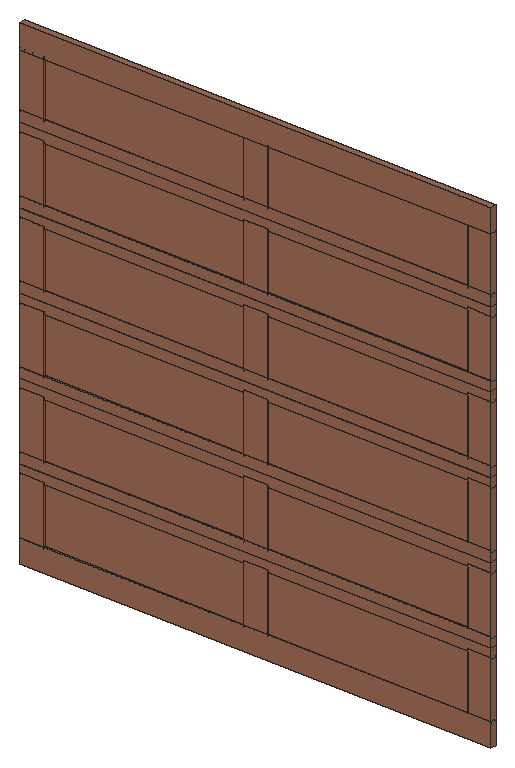
Revit family "GSNGL E 10P CRV", category Doors, host Wall, Revit 2013
Parameters
  Function = Interior
  Frame Projection Ext. = 25 mm
  Frame Projection Int. = 25 mm
  Frame Width = 75 mm
  Height = 2535 mm
  Wall Closure = By host
  Width = 2440 mm
Reference planes
  plane 1: y = 0
  plane 2 "Center (Left/Right)": x = 0
  plane 3 "Left": x = -1220
  plane 4 "Right": x = 1220
  plane 5: z = 2535
  plane 6 "Exterior": y = 75
  plane 7 "Interior": y = -75
  plane 8 "Garage Bottom": y = 75
  plane 9 "Garage Left": x = 1250
  plane 10 "Garage Right": x = -1250
  plane 11 "Garage Top": z = 2100
  plane 12: z = 476
  plane 13: z = 882
  plane 14: z = 1288
  plane 15: z = 1694
  plane 16: z = 2570
Forms (mm)
  Sweep 1, solid, material "Garage Wood"
    path origin (2744.172, 120, 2099.954) x (1, 0, 0) y (0, 1, 0)
      loop
        line (-3994.172, -225) -> (-1494.172, -225)
    profile "Van Acht 55.5x30 Garage Rail : Van Acht 55.5x30 Garage Rail" origin (0, -105, 2099.954) x (0, 1, 0) y (0, 0, 1)
      loop
        line (0, 0.046) -> (30, 0.046) -> (30, 46.546) -> (28, 46.546)
        arc (28, 46.546) -> (25.296, 51.527) -> (20, 53.546) r 8.162
        line (20, 53.546) -> (20, 55.546) -> (0, 55.546) -> (0, 0.046)
  Extrusion 2, solid, material "Garage Wood"
    sketch origin (0, 0, 400) x (0, -1, 0) y (0, 0, -1)
      loop
        line (105, -2045) -> (85, -2045) -> (85, -2047)
        arc (85, -2047) -> (79.704, -2049.019) -> (77, -2054) r 8.162
        line (77, -2054) -> (75, -2054) -> (75, -2170) -> (105, -2170) -> (105, -2045)
    from -1250 to 1250
  Extrusion 3, solid, material "Garage Wood"
    sketch origin (3947.972, -275, 1694) x (1, 0, 0) y (0, 1, 0)
      loop
        line (-5072.972, 175) -> (-4010.472, 175) -> (-4010.472, 185) -> (-5072.972, 185) -> (-5072.972, 175)
      loop
        line (-2822.972, 175) -> (-2822.972, 185) -> (-3885.472, 185) -> (-3885.472, 175) -> (-2822.972, 175)
    from 461.5 to 751
  Sweep 4, solid, material "Garage Wood"
    path origin (2744.172, 120, 1287.954) x (1, 0, 0) y (0, 1, 0)
      loop
        line (-3994.172, -225) -> (-1494.172, -225)
    profile "Van Acht 55.5x30 Garage Rail : Van Acht 55.5x30 Garage Rail" origin (0, -105, 1287.954) x (0, 1, 0) y (0, 0, 1)
      loop
        line (0, 0.046) -> (30, 0.046) -> (30, 46.546) -> (28, 46.546)
        arc (28, 46.546) -> (25.296, 51.527) -> (20, 53.546) r 8.162
        line (20, 53.546) -> (20, 55.546) -> (0, 55.546) -> (0, 0.046)
  Extrusion 5, solid, material "Garage Wood"
    sketch origin (0, 0, 0) x (0, -1, 0) y (0, 0, -1)
      loop
        line (105, -1694.046) -> (105, -1638.546) -> (85, -1638.546) -> (85, -1640.546)
        arc (85, -1640.546) -> (79.704, -1642.565) -> (77, -1647.546) r 8.162
        line (77, -1647.546) -> (75, -1647.546) -> (75, -1694.046) -> (105, -1694.046)
    from -1250 to 1250
  Sweep 6, solid, material "Garage Wood"
    path origin (2744.172, 120, 881.954) x (1, 0, 0) y (0, 1, 0)
      loop
        line (-3994.172, -225) -> (-1494.172, -225)
    profile "Van Acht 55.5x30 Garage Rail : Van Acht 55.5x30 Garage Rail" origin (0, -105, 881.954) x (0, 1, 0) y (0, 0, 1)
      loop
        line (0, 0.046) -> (30, 0.046) -> (30, 46.546) -> (28, 46.546)
        arc (28, 46.546) -> (25.296, 51.527) -> (20, 53.546) r 8.162
        line (20, 53.546) -> (20, 55.546) -> (0, 55.546) -> (0, 0.046)
  Extrusion 7, solid, material "Garage Wood"
    sketch origin (0, 0, -406) x (0, -1, 0) y (0, 0, -1)
      loop
        line (105, -1694.046) -> (105, -1638.546) -> (85, -1638.546) -> (85, -1640.546)
        arc (85, -1640.546) -> (79.704, -1642.565) -> (77, -1647.546) r 8.162
        line (77, -1647.546) -> (75, -1647.546) -> (75, -1694.046) -> (105, -1694.046)
    from -1250 to 1250
  Sweep 8, solid, material "Garage Wood"
    path origin (2744.172, 120, 475.954) x (1, 0, 0) y (0, 1, 0)
      loop
        line (-3994.172, -225) -> (-1494.172, -225)
    profile "Van Acht 55.5x30 Garage Rail : Van Acht 55.5x30 Garage Rail" origin (0, -105, 475.954) x (0, 1, 0) y (0, 0, 1)
      loop
        line (0, 0.046) -> (30, 0.046) -> (30, 46.546) -> (28, 46.546)
        arc (28, 46.546) -> (25.296, 51.527) -> (20, 53.546) r 8.162
        line (20, 53.546) -> (20, 55.546) -> (0, 55.546) -> (0, 0.046)
  Extrusion 9, solid, material "Garage Wood"
    sketch origin (0, 0, -812) x (0, -1, 0) y (0, 0, -1)
      loop
        line (105, -1694.046) -> (105, -1638.546) -> (85, -1638.546) -> (85, -1640.546)
        arc (85, -1640.546) -> (79.704, -1642.565) -> (77, -1647.546) r 8.162
        line (77, -1647.546) -> (75, -1647.546) -> (75, -1694.046) -> (105, -1694.046)
    from -1250 to 1250
  Extrusion 10, solid, material "Garage Wood"
    sketch origin (0, 0, -1218) x (0, -1, 0) y (0, 0, -1)
      loop
        line (105, -1694.046) -> (105, -1638.546) -> (85, -1638.546) -> (85, -1640.546)
        arc (85, -1640.546) -> (79.704, -1642.565) -> (77, -1647.546) r 8.162
        line (77, -1647.546) -> (75, -1647.546) -> (75, -1694.046) -> (105, -1694.046)
    from -1250 to 1250
  Extrusion 11, solid, material "Garage Wood"
    sketch origin (0, 0, 2169.454) x (0, -1, 0) y (0, 0, -1)
      loop
        line (105, 2045) -> (105, 2169.454) -> (75, 2169.454) -> (75, 2053.454) -> (77.097, 2053.454)
        arc (77.097, 2053.454) -> (79.86, 2048.739) -> (84.988, 2046.852) r 8.098
        line (84.988, 2046.852) -> (84.988, 2045) -> (105, 2045)
    from -1250 to 1250
  Extrusion 12, solid, material "Garage Wood"
    sketch origin (3964.172, 300, 2085) x (1, 0, 0) y (0, 1, 0)
      loop
        arc (-5091.172, -385) -> (-5093.191, -379.704) -> (-5098.172, -377) r 8.162
        line (-5098.172, -377) -> (-5098.172, -375) -> (-5214.172, -375) -> (-5214.172, -405) -> (-5089.172, -405) -> (-5089.172, -385) -> (-5091.172, -385)
      loop
        line (-2837.172, -385) -> (-2839.172, -385) -> (-2839.172, -405) -> (-2714.172, -405) -> (-2714.172, -375) -> (-2830.172, -375) -> (-2830.172, -377)
        arc (-2830.172, -377) -> (-2835.153, -379.704) -> (-2837.172, -385) r 8.162
      loop
        arc (-3903.672, -385) -> (-3905.691, -379.704) -> (-3910.672, -377) r 8.162
        line (-3910.672, -377) -> (-3910.672, -375) -> (-4017.672, -375) -> (-4017.672, -377)
        arc (-4017.672, -377) -> (-4022.653, -379.704) -> (-4024.672, -385) r 8.162
        line (-4024.672, -385) -> (-4026.672, -385) -> (-4026.672, -405) -> (-3901.672, -405) -> (-3901.672, -385) -> (-3903.672, -385)
    from 61.5 to 369
  Extrusion 13, solid, material "Garage Wood"
    sketch origin (3947.972, -275, 69.546) x (1, 0, 0) y (0, 1, 0)
      loop
        line (-5072.972, 175) -> (-4010.472, 175) -> (-4010.472, 185) -> (-5072.972, 185) -> (-5072.972, 175)
      loop
        line (-2822.972, 175) -> (-2822.972, 185) -> (-3885.472, 185) -> (-3885.472, 175) -> (-2822.972, 175)
    from 54.909 to 351
  Extrusion 14, solid, material "Garage Wood"
    sketch origin (3964.172, 300, 60.546) x (1, 0, 0) y (0, 1, 0)
      loop
        arc (-5091.172, -385) -> (-5093.191, -379.704) -> (-5098.172, -377) r 8.162
        line (-5098.172, -377) -> (-5098.172, -375) -> (-5214.172, -375) -> (-5214.172, -405) -> (-5089.172, -405) -> (-5089.172, -385) -> (-5091.172, -385)
      loop
        line (-2837.172, -385) -> (-2839.172, -385) -> (-2839.172, -405) -> (-2714.172, -405) -> (-2714.172, -375) -> (-2830.172, -375) -> (-2830.172, -377)
        arc (-2830.172, -377) -> (-2835.153, -379.704) -> (-2837.172, -385) r 8.162
      loop
        arc (-3903.672, -385) -> (-3905.691, -379.704) -> (-3910.672, -377) r 8.162
        line (-3910.672, -377) -> (-3910.672, -375) -> (-4017.672, -375) -> (-4017.672, -377)
        arc (-4017.672, -377) -> (-4022.653, -379.704) -> (-4024.672, -385) r 8.162
        line (-4024.672, -385) -> (-4026.672, -385) -> (-4026.672, -405) -> (-3901.672, -405) -> (-3901.672, -385) -> (-3903.672, -385)
    from 55.546 to 369
  Extrusion 15, solid, material "Garage Wood"
    sketch origin (3947.972, -275, 475.546) x (1, 0, 0) y (0, 1, 0)
      loop
        line (-5072.972, 175) -> (-4010.472, 175) -> (-4010.472, 185) -> (-5072.972, 185) -> (-5072.972, 175)
      loop
        line (-2822.972, 175) -> (-2822.972, 185) -> (-3885.472, 185) -> (-3885.472, 175) -> (-2822.972, 175)
    from 55.954 to 351
  Extrusion 16, solid, material "Garage Wood"
    sketch origin (3964.172, 300, 466.546) x (1, 0, 0) y (0, 1, 0)
      loop
        arc (-5091.172, -385) -> (-5093.191, -379.704) -> (-5098.172, -377) r 8.162
        line (-5098.172, -377) -> (-5098.172, -375) -> (-5214.172, -375) -> (-5214.172, -405) -> (-5089.172, -405) -> (-5089.172, -385) -> (-5091.172, -385)
      loop
        line (-2837.172, -385) -> (-2839.172, -385) -> (-2839.172, -405) -> (-2714.172, -405) -> (-2714.172, -375) -> (-2830.172, -375) -> (-2830.172, -377)
        arc (-2830.172, -377) -> (-2835.153, -379.704) -> (-2837.172, -385) r 8.162
      loop
        arc (-3903.672, -385) -> (-3905.691, -379.704) -> (-3910.672, -377) r 8.162
        line (-3910.672, -377) -> (-3910.672, -375) -> (-4017.672, -375) -> (-4017.672, -377)
        arc (-4017.672, -377) -> (-4022.653, -379.704) -> (-4024.672, -385) r 8.162
        line (-4024.672, -385) -> (-4026.672, -385) -> (-4026.672, -405) -> (-3901.672, -405) -> (-3901.672, -385) -> (-3903.672, -385)
    from 55.954 to 369
  Extrusion 17, solid, material "Garage Wood"
    sketch origin (3947.972, -275, 881.546) x (1, 0, 0) y (0, 1, 0)
      loop
        line (-5072.972, 175) -> (-4010.472, 175) -> (-4010.472, 185) -> (-5072.972, 185) -> (-5072.972, 175)
      loop
        line (-2822.972, 175) -> (-2822.972, 185) -> (-3885.472, 185) -> (-3885.472, 175) -> (-2822.972, 175)
    from 55.954 to 351
  Extrusion 18, solid, material "Garage Wood"
    sketch origin (3964.172, 300, 872.546) x (1, 0, 0) y (0, 1, 0)
      loop
        arc (-5091.172, -385) -> (-5093.191, -379.704) -> (-5098.172, -377) r 8.162
        line (-5098.172, -377) -> (-5098.172, -375) -> (-5214.172, -375) -> (-5214.172, -405) -> (-5089.172, -405) -> (-5089.172, -385) -> (-5091.172, -385)
      loop
        line (-2837.172, -385) -> (-2839.172, -385) -> (-2839.172, -405) -> (-2714.172, -405) -> (-2714.172, -375) -> (-2830.172, -375) -> (-2830.172, -377)
        arc (-2830.172, -377) -> (-2835.153, -379.704) -> (-2837.172, -385) r 8.162
      loop
        arc (-3903.672, -385) -> (-3905.691, -379.704) -> (-3910.672, -377) r 8.162
        line (-3910.672, -377) -> (-3910.672, -375) -> (-4017.672, -375) -> (-4017.672, -377)
        arc (-4017.672, -377) -> (-4022.653, -379.704) -> (-4024.672, -385) r 8.162
        line (-4024.672, -385) -> (-4026.672, -385) -> (-4026.672, -405) -> (-3901.672, -405) -> (-3901.672, -385) -> (-3903.672, -385)
    from 55.954 to 369
  Extrusion 19, solid, material "Garage Wood"
    sketch origin (3947.972, -275, 1287.546) x (1, 0, 0) y (0, 1, 0)
      loop
        line (-5072.972, 175) -> (-4010.472, 175) -> (-4010.472, 185) -> (-5072.972, 185) -> (-5072.972, 175)
      loop
        line (-2822.972, 175) -> (-2822.972, 185) -> (-3885.472, 185) -> (-3885.472, 175) -> (-2822.972, 175)
    from 55.954 to 351
  Extrusion 20, solid, material "Garage Wood"
    sketch origin (3964.172, 300, 1278.546) x (1, 0, 0) y (0, 1, 0)
      loop
        arc (-5091.172, -385) -> (-5093.191, -379.704) -> (-5098.172, -377) r 8.162
        line (-5098.172, -377) -> (-5098.172, -375) -> (-5214.172, -375) -> (-5214.172, -405) -> (-5089.172, -405) -> (-5089.172, -385) -> (-5091.172, -385)
      loop
        line (-2837.172, -385) -> (-2839.172, -385) -> (-2839.172, -405) -> (-2714.172, -405) -> (-2714.172, -375) -> (-2830.172, -375) -> (-2830.172, -377)
        arc (-2830.172, -377) -> (-2835.153, -379.704) -> (-2837.172, -385) r 8.162
      loop
        arc (-3903.672, -385) -> (-3905.691, -379.704) -> (-3910.672, -377) r 8.162
        line (-3910.672, -377) -> (-3910.672, -375) -> (-4017.672, -375) -> (-4017.672, -377)
        arc (-4017.672, -377) -> (-4022.653, -379.704) -> (-4024.672, -385) r 8.162
        line (-4024.672, -385) -> (-4026.672, -385) -> (-4026.672, -405) -> (-3901.672, -405) -> (-3901.672, -385) -> (-3903.672, -385)
    from 55.954 to 369
  Sweep 21, solid, material "Garage Wood"
    path origin (2744.172, 120, 1693.909) x (1, 0, 0) y (0, 1, 0)
      loop
        line (-3994.172, -225) -> (-1494.172, -225)
    profile "Van Acht 55.5x30 Garage Rail : Van Acht 55.5x30 Garage Rail" origin (0, -105, 1693.909) x (0, 1, 0) y (0, 0, 1)
      loop
        line (0, 0.046) -> (30, 0.046) -> (30, 46.546) -> (28, 46.546)
        arc (28, 46.546) -> (25.296, 51.527) -> (20, 53.546) r 8.162
        line (20, 53.546) -> (20, 55.546) -> (0, 55.546) -> (0, 0.046)
  Extrusion 22, solid, material "Garage Wood"
    sketch origin (0, 0, 405.954) x (0, -1, 0) y (0, 0, -1)
      loop
        line (105, -1694.046) -> (105, -1638.546) -> (85, -1638.546) -> (85, -1640.546)
        arc (85, -1640.546) -> (79.704, -1642.565) -> (77, -1647.546) r 8.162
        line (77, -1647.546) -> (75, -1647.546) -> (75, -1694.046) -> (105, -1694.046)
    from -1250 to 1250
  Extrusion 23, solid, material "Garage Wood"
    sketch origin (3947.972, -275, 1693.5) x (1, 0, 0) y (0, 1, 0)
      loop
        line (-5072.972, 175) -> (-4010.472, 175) -> (-4010.472, 185) -> (-5072.972, 185) -> (-5072.972, 175)
      loop
        line (-2822.972, 175) -> (-2822.972, 185) -> (-3885.472, 185) -> (-3885.472, 175) -> (-2822.972, 175)
    from 55.954 to 351
  Extrusion 24, solid, material "Garage Wood"
    sketch origin (3964.172, 300, 1684.5) x (1, 0, 0) y (0, 1, 0)
      loop
        arc (-5091.172, -385) -> (-5093.191, -379.704) -> (-5098.172, -377) r 8.162
        line (-5098.172, -377) -> (-5098.172, -375) -> (-5214.172, -375) -> (-5214.172, -405) -> (-5089.172, -405) -> (-5089.172, -385) -> (-5091.172, -385)
      loop
        line (-2837.172, -385) -> (-2839.172, -385) -> (-2839.172, -405) -> (-2714.172, -405) -> (-2714.172, -375) -> (-2830.172, -375) -> (-2830.172, -377)
        arc (-2830.172, -377) -> (-2835.153, -379.704) -> (-2837.172, -385) r 8.162
      loop
        arc (-3903.672, -385) -> (-3905.691, -379.704) -> (-3910.672, -377) r 8.162
        line (-3910.672, -377) -> (-3910.672, -375) -> (-4017.672, -375) -> (-4017.672, -377)
        arc (-4017.672, -377) -> (-4022.653, -379.704) -> (-4024.672, -385) r 8.162
        line (-4024.672, -385) -> (-4026.672, -385) -> (-4026.672, -405) -> (-3901.672, -405) -> (-3901.672, -385) -> (-3903.672, -385)
    from 55.954 to 369
Lines and regions (mm)
  Opening 1
    outline origin (-3050, -75, 0) x (1, 0, 0) y (0, 0, 1)
      loop
        line (1830, 0) -> (4270, 0) -> (4270, 2535) -> (1830, 2535) -> (1830, 0)
  symbolic lines, style "Elevation Swing"
    curve 1: line (-1250, -105, 1694) -> (-1250, -2275, 1694)
    curve 2: line (-1250, -2275, 1694) -> (1250, -2275, 1694)
    curve 3: line (1250, -2275, 1694) -> (1250, -105, 1694)
Text (mm)
  text "Exterior" at (-2295.016, 1099.543, 0), in view "Ref. Level"
  text "Exterior" at (0, 1615.38, 3698.081), in view "Left"
  text "Exterior" at (0, 1036.032, 3874.932), in view "Right"
Dimensions and locks
  equal spacing: plane 3 "Left", plane 2 "Center (Left/Right)", plane 4 "Right"
  "Width": plane 3 "Left" to plane 4 "Right"
  "Height": plane 5 to host wall
  host wall to plane 5 = 2535 mm  (x2)
  locked: plane 6 "Exterior" to host wall at 0
  locked: plane 7 "Interior" to host wall
  plane 3 "Left" to plane 4 "Right" = 2440 mm
  plane 10 "Garage Right" to plane 9 "Garage Left" = 2500 mm
  plane 11 "Garage Top" to plane 15 to plane 14 to plane 13 to plane 12 to level = 406 mm, 406 mm, 406 mm, 406 mm, 476 mm
  plane 16 to plane 11 "Garage Top" = 470 mm
  aligned and locked: plane 3 "Left" to Opening 1 sketch curve
  aligned and locked: plane 5 to Opening 1 sketch curve  (x2)
  aligned and locked: Opening 1 sketch curve to plane 4 "Right"
  aligned and locked: Opening 1 sketch curve to level
  aligned and locked: host wall to plane 1
  aligned and locked: Extrusion 10 to plane 10 "Garage Right"
  aligned and locked: Extrusion 9 to plane 10 "Garage Right"
  aligned and locked: Extrusion 7 to plane 10 "Garage Right"
  aligned and locked: Extrusion 5 to plane 10 "Garage Right"
  aligned and locked: Extrusion 2 to plane 10 "Garage Right"
  aligned and locked: Extrusion 11 to plane 10 "Garage Right"
  aligned and locked: Extrusion 11 to plane 9 "Garage Left"
  aligned and locked: Extrusion 2 to plane 9 "Garage Left"
  aligned and locked: Extrusion 5 to plane 9 "Garage Left"
  aligned and locked: Extrusion 9 to plane 9 "Garage Left"
  aligned and locked: Extrusion 10 to plane 9 "Garage Left"
  aligned and locked: Extrusion 7 to plane 9 "Garage Left"
  aligned and locked: Extrusion 12 to Extrusion 2
  aligned and locked: Extrusion 3 to Extrusion 12  (x4)
  aligned and locked: Extrusion 3 to Extrusion 2
  aligned and locked: Extrusion 3 to Sweep 1
  aligned and locked: Extrusion 13 to Extrusion 14  (x4)
  aligned and locked: Extrusion 15 to Extrusion 16  (x4)
  aligned and locked: Extrusion 15 to Sweep 8
  aligned and locked: Extrusion 16 to Extrusion 9
  aligned and locked: Extrusion 16 to Sweep 8
  aligned and locked: Extrusion 15 to Extrusion 9
  aligned and locked: Extrusion 17 to Extrusion 18  (x4)
  aligned and locked: Extrusion 19 to Extrusion 20  (x4)
  aligned and locked: Extrusion 23 to Extrusion 24  (x4)
Automatic sketch dimensions
  Sweep 1 sketch curve to plane 10 "Garage Right" = 0 mm
  Sweep 1 sketch curve to plane 9 "Garage Left" = 0 mm
  plane 7 "Interior" to Sweep 1 sketch curve = 30 mm
  Extrusion 2 sketch curve to host wall = 0 mm
  Extrusion 2 sketch curve to host wall = 10 mm
  Extrusion 2 sketch curve to plane 5 = 90 mm
  Extrusion 2 sketch curve to Extrusion 2 sketch curve = 2 mm  (x2)
  Extrusion 2 sketch curve to Extrusion 2 sketch curve = 20 mm
  Extrusion 2 sketch curve to Extrusion 2 sketch curve = 8.079 mm
  Extrusion 2 sketch curve to Extrusion 2 sketch curve = 7 mm
  plane 5 to Extrusion 2 sketch curve = 35 mm
  host wall to Extrusion 3 sketch curve = 25 mm  (x2)
  Extrusion 3 sketch curve to plane 3 "Left" = 95 mm
  Extrusion 3 sketch curve to plane 2 "Center (Left/Right)" = 62.5 mm
  plane 2 "Center (Left/Right)" to Extrusion 3 sketch curve = 62.5 mm
  plane 4 "Right" to Extrusion 3 sketch curve = 95 mm
  Extrusion 3 sketch curve to Extrusion 3 sketch curve = 10 mm  (x2)
  Sweep 4 sketch curve to plane 10 "Garage Right" = 0 mm
  Sweep 4 sketch curve to plane 9 "Garage Left" = 0 mm
  plane 7 "Interior" to Sweep 4 sketch curve = 30 mm
  Extrusion 5 sketch curve to host wall = 0 mm
  Extrusion 5 sketch curve to host wall = 10 mm
  plane 15 to Extrusion 5 sketch curve = 55.454 mm
  Extrusion 5 sketch curve to host wall = 2 mm
  Extrusion 5 sketch curve to plane 15 = 0.046 mm
  Extrusion 5 sketch curve to host wall = 30 mm
  Extrusion 5 sketch curve to Extrusion 5 sketch curve = 0.079 mm
  Extrusion 5 sketch curve to Extrusion 5 sketch curve = 2 mm
  Extrusion 5 sketch curve to Extrusion 5 sketch curve = 7 mm
  Sweep 6 sketch curve to plane 10 "Garage Right" = 0 mm
  Sweep 6 sketch curve to plane 9 "Garage Left" = 0 mm
  plane 7 "Interior" to Sweep 6 sketch curve = 30 mm
  Extrusion 7 sketch curve to host wall = 0 mm
  Extrusion 7 sketch curve to host wall = 10 mm
  plane 14 to Extrusion 7 sketch curve = 55.454 mm
  Extrusion 7 sketch curve to host wall = 2 mm
  Extrusion 7 sketch curve to plane 14 = 0.046 mm
  Extrusion 7 sketch curve to host wall = 30 mm
  Extrusion 7 sketch curve to Extrusion 7 sketch curve = 0.079 mm
  Extrusion 7 sketch curve to Extrusion 7 sketch curve = 2 mm
  Extrusion 7 sketch curve to Extrusion 7 sketch curve = 7 mm
  Sweep 8 sketch curve to plane 10 "Garage Right" = 0 mm
  Sweep 8 sketch curve to plane 9 "Garage Left" = 0 mm
  plane 7 "Interior" to Sweep 8 sketch curve = 30 mm
  Extrusion 9 sketch curve to host wall = 0 mm
  Extrusion 9 sketch curve to host wall = 10 mm
  plane 13 to Extrusion 9 sketch curve = 55.454 mm
  Extrusion 9 sketch curve to host wall = 2 mm
  Extrusion 9 sketch curve to plane 13 = 0.046 mm
  Extrusion 9 sketch curve to host wall = 30 mm
  Extrusion 9 sketch curve to Extrusion 9 sketch curve = 0.079 mm
  Extrusion 9 sketch curve to Extrusion 9 sketch curve = 2 mm
  Extrusion 9 sketch curve to Extrusion 9 sketch curve = 7 mm
  Extrusion 10 sketch curve to host wall = 0 mm
  Extrusion 10 sketch curve to host wall = 10 mm
  plane 12 to Extrusion 10 sketch curve = 55.454 mm
  Extrusion 10 sketch curve to host wall = 2 mm
  Extrusion 10 sketch curve to plane 12 = 0.046 mm
  Extrusion 10 sketch curve to host wall = 30 mm
  Extrusion 10 sketch curve to Extrusion 10 sketch curve = 0.079 mm
  Extrusion 10 sketch curve to Extrusion 10 sketch curve = 2 mm
  Extrusion 10 sketch curve to Extrusion 10 sketch curve = 7 mm
  Extrusion 11 sketch curve to host wall = 0 mm
  Extrusion 11 sketch curve to level = 0 mm
  host wall to Extrusion 11 sketch curve = 9.988 mm
  level to Extrusion 11 sketch curve = 124.454 mm
  Extrusion 11 sketch curve to Extrusion 11 sketch curve = 2.097 mm
  Extrusion 11 sketch curve to Extrusion 11 sketch curve = 20.012 mm
  Extrusion 11 sketch curve to Extrusion 11 sketch curve = 0.068 mm
  Extrusion 11 sketch curve to Extrusion 11 sketch curve = 1.852 mm
  Extrusion 11 sketch curve to Extrusion 11 sketch curve = 6.602 mm
  curve 1 to plane 10 "Garage Right" = 0 mm
  curve 2 to plane 9 "Garage Left" = 0 mm
  host wall to curve 1 = 2200 mm
  host wall to curve 3 = 30 mm
  host wall to curve 1 = 30 mm
  Extrusion 12 sketch curve to plane 10 "Garage Right" = 0 mm
  host wall to Extrusion 12 sketch curve = 0 mm  (x3)
  Extrusion 12 sketch curve to plane 9 "Garage Left" = 0 mm
  host wall to Extrusion 12 sketch curve = 30 mm  (x3)
  Extrusion 12 sketch curve to plane 3 "Left" = 86 mm
  Extrusion 12 sketch curve to Extrusion 12 sketch curve = 7 mm  (x4)
  Extrusion 12 sketch curve to Extrusion 12 sketch curve = 2 mm  (x5)
  Extrusion 12 sketch curve to plane 2 "Center (Left/Right)" = 62.5 mm
  host wall to Extrusion 12 sketch curve = 2 mm  (x3)
  plane 2 "Center (Left/Right)" to Extrusion 12 sketch curve = 53.5 mm
  host wall to Extrusion 12 sketch curve = 10 mm  (x4)
  plane 4 "Right" to Extrusion 12 sketch curve = 95 mm
  Extrusion 12 sketch curve to Extrusion 12 sketch curve = 1.161 mm  (x3)
  Extrusion 12 sketch curve to Extrusion 12 sketch curve = 8.161 mm
  host wall to Extrusion 13 sketch curve = 25 mm  (x2)
  Extrusion 13 sketch curve to plane 3 "Left" = 95 mm
  Extrusion 13 sketch curve to plane 2 "Center (Left/Right)" = 62.5 mm
  plane 2 "Center (Left/Right)" to Extrusion 13 sketch curve = 62.5 mm
  plane 4 "Right" to Extrusion 13 sketch curve = 95 mm
  Extrusion 13 sketch curve to Extrusion 13 sketch curve = 10 mm  (x2)
  Extrusion 14 sketch curve to plane 10 "Garage Right" = 0 mm
  host wall to Extrusion 14 sketch curve = 0 mm  (x3)
  Extrusion 14 sketch curve to plane 9 "Garage Left" = 0 mm
  host wall to Extrusion 14 sketch curve = 30 mm  (x3)
  Extrusion 14 sketch curve to plane 3 "Left" = 86 mm
  Extrusion 14 sketch curve to Extrusion 14 sketch curve = 7 mm  (x4)
  Extrusion 14 sketch curve to Extrusion 14 sketch curve = 2 mm  (x5)
  Extrusion 14 sketch curve to plane 2 "Center (Left/Right)" = 62.5 mm
  host wall to Extrusion 14 sketch curve = 2 mm  (x3)
  plane 2 "Center (Left/Right)" to Extrusion 14 sketch curve = 53.5 mm
  host wall to Extrusion 14 sketch curve = 10 mm  (x4)
  plane 4 "Right" to Extrusion 14 sketch curve = 95 mm
  Extrusion 14 sketch curve to Extrusion 14 sketch curve = 1.161 mm  (x3)
  Extrusion 14 sketch curve to Extrusion 14 sketch curve = 8.161 mm
  host wall to Extrusion 15 sketch curve = 25 mm  (x2)
  Extrusion 15 sketch curve to plane 3 "Left" = 95 mm
  Extrusion 15 sketch curve to plane 2 "Center (Left/Right)" = 62.5 mm
  plane 2 "Center (Left/Right)" to Extrusion 15 sketch curve = 62.5 mm
  plane 4 "Right" to Extrusion 15 sketch curve = 95 mm
  Extrusion 15 sketch curve to Extrusion 15 sketch curve = 10 mm  (x2)
  Extrusion 16 sketch curve to plane 10 "Garage Right" = 0 mm
  host wall to Extrusion 16 sketch curve = 0 mm  (x3)
  Extrusion 16 sketch curve to plane 9 "Garage Left" = 0 mm
  host wall to Extrusion 16 sketch curve = 30 mm  (x3)
  Extrusion 16 sketch curve to plane 3 "Left" = 86 mm
  Extrusion 16 sketch curve to Extrusion 16 sketch curve = 7 mm  (x4)
  Extrusion 16 sketch curve to Extrusion 16 sketch curve = 2 mm  (x5)
  Extrusion 16 sketch curve to plane 2 "Center (Left/Right)" = 62.5 mm
  host wall to Extrusion 16 sketch curve = 2 mm  (x3)
  plane 2 "Center (Left/Right)" to Extrusion 16 sketch curve = 53.5 mm
  host wall to Extrusion 16 sketch curve = 10 mm  (x4)
  plane 4 "Right" to Extrusion 16 sketch curve = 95 mm
  Extrusion 16 sketch curve to Extrusion 16 sketch curve = 1.161 mm  (x3)
  Extrusion 16 sketch curve to Extrusion 16 sketch curve = 8.161 mm
  host wall to Extrusion 17 sketch curve = 25 mm  (x2)
  Extrusion 17 sketch curve to plane 3 "Left" = 95 mm
  Extrusion 17 sketch curve to plane 2 "Center (Left/Right)" = 62.5 mm
  plane 2 "Center (Left/Right)" to Extrusion 17 sketch curve = 62.5 mm
  plane 4 "Right" to Extrusion 17 sketch curve = 95 mm
  Extrusion 17 sketch curve to Extrusion 17 sketch curve = 10 mm  (x2)
  Extrusion 18 sketch curve to plane 10 "Garage Right" = 0 mm
  host wall to Extrusion 18 sketch curve = 0 mm  (x3)
  Extrusion 18 sketch curve to plane 9 "Garage Left" = 0 mm
  host wall to Extrusion 18 sketch curve = 30 mm  (x3)
  Extrusion 18 sketch curve to plane 3 "Left" = 86 mm
  Extrusion 18 sketch curve to Extrusion 18 sketch curve = 7 mm  (x4)
  Extrusion 18 sketch curve to Extrusion 18 sketch curve = 2 mm  (x5)
  Extrusion 18 sketch curve to plane 2 "Center (Left/Right)" = 62.5 mm
  host wall to Extrusion 18 sketch curve = 2 mm  (x3)
  plane 2 "Center (Left/Right)" to Extrusion 18 sketch curve = 53.5 mm
  host wall to Extrusion 18 sketch curve = 10 mm  (x4)
  plane 4 "Right" to Extrusion 18 sketch curve = 95 mm
  Extrusion 18 sketch curve to Extrusion 18 sketch curve = 1.161 mm  (x3)
  Extrusion 18 sketch curve to Extrusion 18 sketch curve = 8.161 mm
  host wall to Extrusion 19 sketch curve = 25 mm  (x2)
  Extrusion 19 sketch curve to plane 3 "Left" = 95 mm
  Extrusion 19 sketch curve to plane 2 "Center (Left/Right)" = 62.5 mm
  plane 2 "Center (Left/Right)" to Extrusion 19 sketch curve = 62.5 mm
  plane 4 "Right" to Extrusion 19 sketch curve = 95 mm
  Extrusion 19 sketch curve to Extrusion 19 sketch curve = 10 mm  (x2)
  Extrusion 20 sketch curve to plane 10 "Garage Right" = 0 mm
  host wall to Extrusion 20 sketch curve = 0 mm  (x3)
  Extrusion 20 sketch curve to plane 9 "Garage Left" = 0 mm
  host wall to Extrusion 20 sketch curve = 30 mm  (x3)
  Extrusion 20 sketch curve to plane 3 "Left" = 86 mm
  Extrusion 20 sketch curve to Extrusion 20 sketch curve = 7 mm  (x4)
  Extrusion 20 sketch curve to Extrusion 20 sketch curve = 2 mm  (x5)
  Extrusion 20 sketch curve to plane 2 "Center (Left/Right)" = 62.5 mm
  host wall to Extrusion 20 sketch curve = 2 mm  (x3)
  plane 2 "Center (Left/Right)" to Extrusion 20 sketch curve = 53.5 mm
  host wall to Extrusion 20 sketch curve = 10 mm  (x4)
  plane 4 "Right" to Extrusion 20 sketch curve = 95 mm
  Extrusion 20 sketch curve to Extrusion 20 sketch curve = 1.161 mm  (x3)
  Extrusion 20 sketch curve to Extrusion 20 sketch curve = 8.161 mm
  Sweep 21 sketch curve to plane 10 "Garage Right" = 0 mm
  Sweep 21 sketch curve to plane 9 "Garage Left" = 0 mm
  plane 7 "Interior" to Sweep 21 sketch curve = 30 mm
  Extrusion 22 sketch curve to host wall = 0 mm
  plane 11 "Garage Top" to Extrusion 22 sketch curve = 0 mm
  Extrusion 22 sketch curve to host wall = 10 mm
  Extrusion 22 sketch curve to plane 11 "Garage Top" = 55.5 mm
  Extrusion 22 sketch curve to host wall = 2 mm
  Extrusion 22 sketch curve to host wall = 30 mm
  Extrusion 22 sketch curve to Extrusion 22 sketch curve = 0.079 mm
  Extrusion 22 sketch curve to Extrusion 22 sketch curve = 2 mm
  Extrusion 22 sketch curve to Extrusion 22 sketch curve = 7 mm
  host wall to Extrusion 23 sketch curve = 25 mm  (x2)
  Extrusion 23 sketch curve to plane 3 "Left" = 95 mm
  Extrusion 23 sketch curve to plane 2 "Center (Left/Right)" = 62.5 mm
  plane 2 "Center (Left/Right)" to Extrusion 23 sketch curve = 62.5 mm
  plane 4 "Right" to Extrusion 23 sketch curve = 95 mm
  Extrusion 23 sketch curve to Extrusion 23 sketch curve = 10 mm  (x2)
  Extrusion 24 sketch curve to plane 10 "Garage Right" = 0 mm
  host wall to Extrusion 24 sketch curve = 0 mm  (x3)
  Extrusion 24 sketch curve to plane 9 "Garage Left" = 0 mm
  host wall to Extrusion 24 sketch curve = 30 mm  (x3)
  Extrusion 24 sketch curve to plane 3 "Left" = 86 mm
  Extrusion 24 sketch curve to Extrusion 24 sketch curve = 7 mm  (x4)
  Extrusion 24 sketch curve to Extrusion 24 sketch curve = 2 mm  (x5)
  Extrusion 24 sketch curve to plane 2 "Center (Left/Right)" = 62.5 mm
  host wall to Extrusion 24 sketch curve = 2 mm  (x3)
  plane 2 "Center (Left/Right)" to Extrusion 24 sketch curve = 53.5 mm
  host wall to Extrusion 24 sketch curve = 10 mm  (x4)
  plane 4 "Right" to Extrusion 24 sketch curve = 95 mm
  Extrusion 24 sketch curve to Extrusion 24 sketch curve = 1.161 mm  (x3)
  Extrusion 24 sketch curve to Extrusion 24 sketch curve = 8.161 mm
